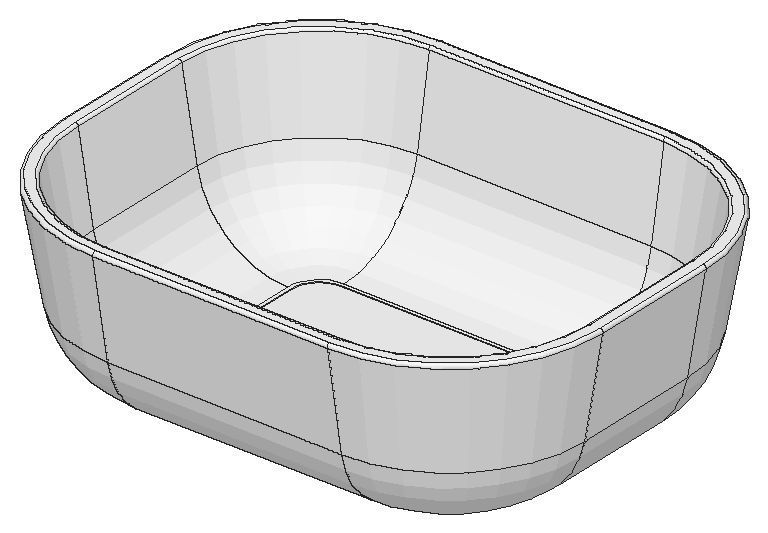
Revit family "O12901001_Lavamanos Cascade Vessel Blanco", category Plumbing Fixtures, Revit 2019
Family settings
  Round Connector Dimension = Use Diameter
  Part Type = Normal
  OmniClass Number = 23.31.13.11
  OmniClass Title = Single Sinks
  Work Plane-Based = No
  Always vertical = Yes
  Cut with Voids When Loaded = No
  Shared = No
  Room Calculation Point = No
Parameters
  Uso = "Residencial"  # constant formula
  URL = "https://corona.co/productos/lavamanos/lavamanos-tipo-vessel/lavamanos-cascade/p/O12901001"
  Tipo de lavamanos = "Vessel"  # constant formula
  Tipo de instalación = "A pared"  # constant formula
  Tipo de desagüe = "Expuesto"  # constant formula
  Tecnologías = "CoverGloss Aquaflow"  # constant formula
  Resistencia = "Alta resistencia al rayado y cambios de temperatura"  # constant formula
  Profundidad del pozo = "14 cm"  # constant formula
  Productos compatibles = "Grifería monocontrol alta"  # constant formula
  No incluye = "Grifería"  # constant formula
  Materiales = "Porcelana sanitaria"  # constant formula
  Material = Corona_Porcelana_Sanitaria
  Línea = "Cascade"  # constant formula
  Largo = "39.5 cm"  # constant formula
  Garantía = "Garantía completa para siempre en la porcelana"  # constant formula
  Forma = "Ovalado"  # constant formula
  Fecha de creación = "30/07/2020"  # constant formula
  Diámetro del desagüe = "43.5 mm"  # constant formula
  Dimensión del pozo = "46"  # constant formula
  Description = "La línea Cascade nace a partir de la propuesta de CORONA de entregar un diseño amigable y sorprendente, que busca facilitar la tareas y funciones del espacio del baño a nuestros consumidores, su diseño se inspira en la caída del agua, por lo tanto, su forma es fluida, pero con una mezcla de robustez que hace de la línea CASCADE un producto funcional, pero a la vez resistente brindando mayor comodidad en su uso los lavamanos vessel de esta linea se caracterizan por sus Pozos amplios de 46cm y profundidad de 14cm que permite mayor comodidad al realizar diferentes actividades cotidianas, además de minimizar el salpique al momento del uso Tecnología AQUAFLOW: Superficie homogénea que impide la acumulación de agua y residuos. Tecnología COVERGLOSS: alta resistencia al rayado y a cambios de temperatura. Diseño guiado por la forma y la función.Acabado uniforme."  # constant formula
  Creado por = "IDD"  # constant formula
  Colección = "Cascade"  # constant formula
  Ancho = "46 cm"  # constant formula
  Alto = "16 cm"  # constant formula
  Acabado = "Brillante"  # constant formula
Reference planes
  plane 1 "Center (Front/Back)": y = 0
  plane 2: z = 0
  plane 3 "Center (Left/Right)": x = 0
Forms (mm)
  Sweep 1, solid, material "Corona_Porcelana_Sanitaria", detail levels medium+fine
    path origin (0, 0, 0) x (1, 0, 0) y (0, 1, 0)
      loop
        arc (-96.243, 195.564) -> (-195.238, 154.559) -> (-236.243, 55.564) r 140
        line (-236.243, 55.564) -> (-236.243, -49.436)
        arc (-236.243, -49.436) -> (-195.238, -148.431) -> (-96.243, -189.436) r 140
        line (-96.243, -189.436) -> (93.757, -189.436)
        arc (93.757, -189.436) -> (192.752, -148.431) -> (233.757, -49.436) r 140
        line (233.757, -49.436) -> (233.757, 55.564)
        arc (233.757, 55.564) -> (192.752, 154.559) -> (93.757, 195.564) r 140
        line (93.757, 195.564) -> (-96.243, 195.564)
    profile origin (-1.243, 195.564, 0) x (0, 1, 0) y (0, 0, 1)
      loop
        line (-118.064, 0) -> (-100.565, 0)
        arc (-100.565, 0) -> (-55.036, 16.571) -> (-30.811, 58.531) r 70.83
        line (-30.811, 58.531) -> (-16.082, 142.061)
        arc (-16.082, 142.061) -> (-16.63, 144.106) -> (-18.548, 145) r 2.504
        line (-18.548, 145) -> (-25.949, 145)
        arc (-25.949, 145) -> (-27.569, 144.41) -> (-28.431, 142.918) r 2.52
        line (-28.431, 142.918) -> (-40.828, 72.61)
        arc (-40.828, 72.61) -> (-66.442, 28.246) -> (-114.58, 10.725) r 74.889
        line (-114.58, 10.725) -> (-118.064, 10.725) -> (-118.064, 0)
  Extrusion 2, solid, material "Corona_Porcelana_Sanitaria", detail levels medium+fine
    sketch origin (0, 0, 0) x (1, 0, 0) y (0, 1, 0)
      loop
        arc (-118.179, -49.436) -> (-111.754, -64.947) -> (-96.243, -71.372) r 21.936
        line (-96.243, -71.372) -> (93.757, -71.372)
        arc (93.757, -71.372) -> (109.269, -64.947) -> (115.694, -49.436) r 21.936
        line (115.694, -49.436) -> (115.694, 55.564)
        arc (115.694, 55.564) -> (109.269, 71.075) -> (93.757, 77.5) r 21.936
        line (93.757, 77.5) -> (-96.243, 77.5)
        arc (-96.243, 77.5) -> (-111.754, 71.075) -> (-118.179, 55.564) r 21.936
        line (-118.179, 55.564) -> (-118.179, -49.436)
      loop
        circle (0, 0) r 20
    from 10.725 to 0
  Extrusion 3, solid, detail levels coarse
    sketch origin (0, 0, 0) x (1, 0, 0) y (0, 1, 0)
      loop
        line (-220.449, -175) -> (217.989, -175) -> (217.989, 182.311) -> (-220.449, 182.311) -> (-220.449, -175)
    from 0 to 145.856
Dimensions and locks
  aligned and locked: level to plane 2
Nested families
  nested 1: "Family2" at (0, 0, 0), type "Family2"
  nested 2: "Family3" at (0, 0, 0) x (0, -1, 0) z (1, 0, 0), type "Family3"
  nested 3: "Family4" at (0, 0, 0) x (1, 0, 0) z (0, -1, 0), type "Family4"
Definition of nested family "Family2"
  Reference planes
    plane 1 "Center (Front/Back)": y = 0
    plane 2: z = 0
    plane 3 "Center (Left/Right)": x = 0
Definition of nested family "Family3"
  Reference planes
    plane 1 "Center (Front/Back)": y = 0
    plane 2: z = 0
    plane 3 "Center (Left/Right)": x = 0
Definition of nested family "Family4"
  Reference planes
    plane 1 "Center (Front/Back)": y = 0
    plane 2: z = 0
    plane 3 "Center (Left/Right)": x = 0
